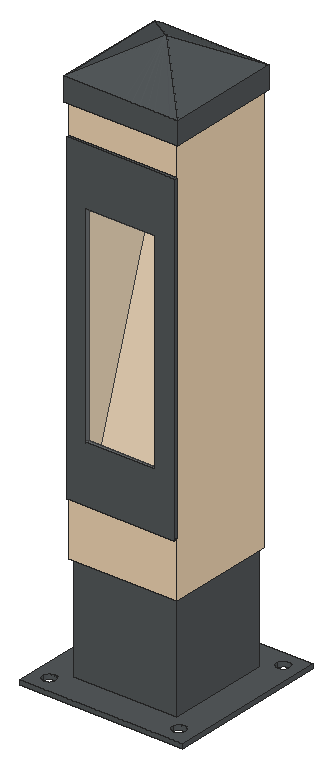
Revit family "Баум", category Осветительные приборы, Revit 2019 (continued)
Types (3, lengths in mm): name | Файл фотометрической сетки | built-in parameter 1150105 | Lumens | built-in parameter 1150106 | built-in parameter 1150142 | Wattage | h_столб низ | h_столб верх | ADSK_Фактическая мощность | ADSK_Размер_Высота | ADSK_Номинальная мощность | ADSK_Наименование | ADSK_Масса_Текст | ADSK_Масса | ADSK_Артикул
     484.3 502.3 504.1 498.6 495.7 486.9 487.1 481.7 477.0 470.0 460.8 458.6 450.7 449.3 441.7 437.9\r\n 431.6 427.6 422.5 414.0 405.0 399.0 392.9 386.3 379.5 371.8 360.8 352.0 347.0 337.9 326.5 316.8 308.5 295.8 278.9 254.2 223.3\r\n 196.0 174.0 155.8 138.2 126.4 112.3 98.9 89.2 75.1 66.1 53.2 40.4 29.7 21.7 11.2 2.9 0.4 0.4 0.4 0.4 0.4 0.4 0.4 0.4 0.4 0.4 0.4\r\n 0.4 0.4 0.4 0.4 0.4 0.4 0.4 0.4 0.4 0.4 0.4 0.4 0.4 0.4 0.4 0.4 0.4 0.4 0.4 0.4 0.4 0.4 0.4 0.4 0.4 0.4 0.4 0.4 0.4 0.4 0.4 0.4\r\n 0.4 0.4 0.4 0.4 0.4 0.4 0.4 0.4 0.4 0.4 0.4 0.4 0.4 0.4 0.4 0.4 0.4 0.4 0.4 0.4 0.4 0.4 0.4 0.4 0.4 0.4 0.4 0.4 0.4 0.4 0.4 0.4\r\n 0.4 0.4 0.4 0.4 0.4 0.4 0.4 0.4 0.4 0.2 0.2 0.2 0.0 0.0 0.0 0.0 0.0 0.0 0.0\r\n0.0 0.0 0.4 0.4 0.4 0.2 0.2 0.4 0.4 0.6 0.6 0.4 0.4 0.4 0.4 0.4 0.4 0.6 1.5 13.4 48.1 130.1 186.1 238.2 274.7 302.8 337.9 366.5\r\n 397.9 425.2 464.1 503.4 554.2 570.4 570.6 566.2 563.2 559.4 554.6 551.1 545.0 543.0 538.4 533.1 531.3 522.1 524.7 517.9 512.0\r\n 505.2 497.5 492.2 486.9 482.1 472.0 463.8 455.1 446.1 436.8 429.3 420.3 408.9 399.3 388.5 381.4 370.1 355.1 332.0 298.6 262.4\r\n 230.1 208.6 187.0 168.3 155.1 133.6 120.6 106.6 92.1 78.7 68.8 54.5 42.6 32.3 22.4 9.7 1.8 0.4 0.4 0.4 0.4 0.4 0.4 0.4 0.4 0.4\r\n 0.4 0.4 0.4 0.4 0.4 0.4 0.4 0.4 0.4 0.4 0.4 0.4 0.4 0.4 0.4 0.4 0.4 0.4 0.4 0.4 0.4 0.4 0.4 0.4 0.4 0.4 0.4 0.4 0.4 0.4 0.4 0.4\r\n 0.4 0.4 0.4 0.4 0.4 0.4 0.4 0.4 0.4 0.4 0.4 0.4 0.4 0.4 0.4 0.4 0.4 0.4 0.4 0.4 0.4 0.4 0.4 0.4 0.4 0.4 0.4 0.4 0.4 0.4 0.4 0.4\r\n 0.4 0.4 0.4 0.4 0.4 0.4 0.4 0.4 0.4 0.4 0.4 0.2 0.2 0.2 0.0 0.0 0.0 0.0 0.0 0.0 0.0\r\n0.0 0.0 0.4 0.4 0.4 0.2 0.2 0.4 0.4 0.6 0.6 0.4 0.4 0.4 0.4 0.4 0.4 1.5 11.2 58.4 134.9 213.2 265.2 303.0 338.0 368.3 407.6 450.0\r\n 488.9 523.4 579.0 604.3 619.2 619.7 615.1 605.0 607.1 603.2 600.5 601.8 598.4 595.0 588.9 583.2 579.4 580.1 572.6 569.6 562.7\r\n 554.4 552.6 543.4 536.2 526.0 517.0 512.2 501.9 492.0 483.6 472.2 461.0 451.3 441.9 430.9 418.2 399.5 374.0 330.7 283.4 250.7\r\n 233.6 208.6 193.4 174.7 157.5 142.1 128.5 111.4 95.6 83.5 64.6 49.7 37.8 29.4 17.8 4.8 0.4 0.4 0.4 0.4 0.4 0.4 0.4 0.4 0.4 0.4\r\n 0.4 0.4 0.4 0.4 0.4 0.4 0.4 0.4 0.4 0.4 0.4 0.4 0.4 0.4 0.4 0.4 0.4 0.4 0.4 0.4 0.4 0.4 0.4 0.4 0.4 0.4 0.4 0.4 0.4 0.4 0.4 0.4\r\n 0.4 0.4 0.4 0.4 0.4 0.4 0.4 0.4 0.4 0.4 0.4 0.4 0.4 0.4 0.4 0.4 0.4 0.4 0.4 0.4 0.4 0.4 0.4 0.4 0.4 0.4 0.4 0.4 0.4 0.4 0.4 0.4\r\n 0.4 0.4 0.4 0.4 0.4 0.4 0.4 0.4 0.4 0.4 0.4 0.2 0.2 0.2 0.0 0.0 0.0 0.0 0.0 0.0 0.0\r\n0.0 0.0 0.4 0.4 0.4 0.2 0.2 0.4 0.4 0.6 0.6 0.4 0.4 0.4 0.4 0.4 0.9 9.5 50.5 143.1 226.8 280.2 316.9 352.5 385.9 428.5 480.6 531.8\r\n 591.7 644.9 678.5 676.4 679.6 678.6 675.3 682.1 681.8 673.7 670.6 669.1 662.5 660.7 655.0 649.7 642.3 637.5 626.3 620.1 614.0\r\n 608.9 604.9 594.2 584.5 576.8 568.7 558.5 547.3 539.5 531.1 518.1 507.4 495.0 480.6 467.6 446.0 412.4 367.6 319.3 289.0 265.4\r\n 243.3 224.6 208.8 187.6 170.9 159.5 140.2 124.6 109.8 91.8 69.2 56.0 41.3 30.3 16.1 2.0 0.6 0.4 0.4 0.4 0.4 0.4 0.4 0.4 0.4 0.4\r\n 0.4 0.4 0.4 0.4 0.4 0.4 0.4 0.4 0.4 0.4 0.4 0.4 0.4 0.4 0.4 0.4 0.4 0.4 0.4 0.4 0.4 0.4 0.4 0.4 0.4 0.4 0.4 0.4 0.4 0.4 0.4 0.4\r\n 0.4 0.4 0.4 0.4 0.4 0.4 0.4 0.4 0.4 0.4 0.4 0.4 0.4 0.4 0.4 0.4 0.4 0.4 0.4 0.4 0.4 0.4 0.4 0.4 0.4 0.4 0.4 0.4 0.4 0.4 0.4 0.4\r\n 0.4 0.4 0.4 0.4 0.4 0.4 0.4 0.4 0.4 0.4 0.4 0.2 0.2 0.2 0.0 0.0 0.0 0.0 0.0 0.0 0.0\r\n0.0 0.0 0.6 0.4 0.4 0.2 0.2 0.4 0.4 0.6 0.6 0.6 0.4 0.4 0.4 0.6 5.7 38.9 123.3 218.2 287.9 337.7 372.2 412.7 466.0 519.5 579.2\r\n 645.2 717.0 731.7 742.7 743.1 741.6 738.7 733.2 735.9 726.4 726.7 721.8 711.9 704.5 694.4 691.5 688.7 688.0 675.3 670.2 659.0\r\n 653.5 649.1 636.3 629.6 625.2 614.0 607.6 597.5 590.0 577.0 564.9 553.3 541.2 527.3 511.3 484.5 445.2 396.8 350.5 323.5 299.7\r\n 272.7 253.6 238.0 215.8 195.6 182.6 164.8 142.4 127.2 110.5 90.1 69.6 54.0 39.8 24.8 9.5 0.9 0.4 0.4 0.4 0.4 0.4 0.4 0.4 0.4 0.4\r\n 0.4 0.4 0.4 0.4 0.4 0.4 0.4 0.4 0.4 0.4 0.4 0.4 0.4 0.4 0.4 0.4 0.4 0.4 0.4 0.4 0.4 0.4 0.4 0.4 0.4 0.4 0.4 0.4 0.4 0.4 0.4 0.4\r\n 0.4 0.4 0.4 0.4 0.4 0.4 0.4 0.4 0.4 0.4 0.4 0.4 0.4 0.4 0.4 0.4 0.4 0.4 0.4 0.4 0.4 0.4 0.4 0.4 0.4 0.4 0.4 0.4 0.4 0.4 0.4 0.4\r\n 0.4 0.4 0.4 0.4 0.4 0.4 0.4 0.4 0.4 0.4 0.4 0.4 0.2 0.2 0.2 0.0 0.0 0.0 0.0 0.0 0.0 0.0\r\n0.0 0.0 0.6 0.4 0.4 0.2 0.2 0.4 0.4 0.6 0.6 0.6 0.4 0.4 0.4 1.5 26.4 96.5 196.9 278.2 337.1 388.3 438.8 492.4 560.1 612.2 703.4\r\n 782.3 810.6 813.7 810.0 806.6 798.5 792.4 794.8 779.8 780.3 766.7 761.0 764.3 759.0 755.2 747.5 740.7 725.8 726.2 721.4 718.1\r\n 712.4 694.1 686.0 673.9 664.5 657.9 647.6 640.8 628.4 614.2 607.6 597.0 584.7 563.0 534.8 486.9 443.0 401.4 368.9 341.9 313.6\r\n 293.3 272.1 246.6 221.9 203.7 190.9 169.4 156.0 138.2 116.9 94.3 78.9 64.6 47.2 24.4 6.6 0.4 0.4 0.4 0.4 0.4 0.4 0.4 0.4 0.4 0.4\r\n 0.4 0.4 0.4 0.4 0.4 0.4 0.4 0.4 0.4 0.4 0.4 0.4 0.4 0.4 0.4 0.4 0.4 0.4 0.4 0.4 0.4 0.4 0.4 0.4 0.4 0.4 0.4 0.4 0.4 0.4 0.4 0.4\r\n 0.4 0.4 0.4 0.4 0.4 0.4 0.4 0.4 0.4 0.4 0.4 0.4 0.6 0.4 0.4 0.4 0.4 0.4 0.4 0.4 0.4 0.4 0.4 0.4 0.4 0.4 0.4 0.4 0.4 0.4 0.4 0.4\r\n 0.4 0.4 0.4 0.4 0.4 0.4 0.4 0.4 0.4 0.4 0.4 0.4 0.2 0.2 0.2 0.0 0.0 0.0 0.2 0.0 0.0 0.0\r\n0.0 0.0 0.6 0.4 0.4 0.4 0.2 0.4 0.4 0.6 0.6 0.6 0.6 0.4 0.7 7.7 71.0 168.5 261.7 326.3 385.6 438.8 507.2 586.5 653.5 749.1 831.2\r\n 867.8 870.6 868.6 867.5 860.3 855.7 855.0 846.9 843.5 835.0 831.9 830.4 822.2 821.8 815.2 810.8 801.8 794.8 787.1 784.0 766.0\r\n 759.2 756.1 747.7 743.1 733.5 718.8 707.5 691.1 680.3 672.0 662.3 646.0 626.9 602.1 552.8 502.7 455.7 425.0 405.8 371.6 341.7\r\n 324.3 294.0 270.5 250.7 228.3 205.7 183.1 169.2 146.6 123.1 101.7 82.2 68.8 44.6 18.0 2.8 0.6 0.4 0.4 0.4 0.4 0.4 0.4 0.4 0.4 0.4\r\n 0.4 0.4 0.4 0.4 0.4 0.4 0.4 0.4 0.4 0.4 0.4 0.4 0.4 0.4 0.4 0.4 0.4 0.4 0.4 0.4 0.4 0.4 0.4 0.4 0.4 0.4 0.4 0.4 0.4 0.4 0.4 0.4\r\n 0.4 0.4 0.4 0.4 0.4 0.4 0.4 0.4 0.4 0.4 0.4 0.4 0.4 0.6 0.4 0.4 0.4 0.4 0.4 0.4 0.4 0.4 0.4 0.4 0.4 0.4 0.4 0.4 0.4 0.4 0.4 0.4\r\n 0.4 0.4 0.4 0.4 0.4 0.4 0.4 0.4 0.4 0.4 0.4 0.4 0.2 0.2 0.2 0.0 0.0 0.0 0.2 0.0 0.0 0.0\r\n0.0 0.0 0.6 0.4 0.4 0.4 0.4 0.4 0.4 0.6 0.6 0.6 0.6 0.6 2.9 31.4 129.8 234.2 310.5 368.7 428.1 497.1 583.6 661.9 756.5 878.5 923.7\r\n 927.7 931.0 931.2 924.6 923.3 924.4 919.6 920.9 918.0 913.4 909.3 900.2 898.0 892.3 886.9 880.2 878.9 872.1 869.1 854.6 844.7\r\n 841.2 833.0 826.2 814.3 800.9 796.5 783.6 779.2 771.5 757.9 743.6 722.0 690.0 644.0 599.5 544.0 511.6 479.2 444.3 422.3 402.6\r\n 378.0 346.7 322.6 301.9 274.2 252.9 230.3 205.9 177.3 144.1 117.4 93.6 71.6 43.1 13.6 2.6 0.4 0.4 0.4 0.4 0.4 0.4 0.4 0.4 0.4 0.4\r\n 0.4 0.4 0.4 0.4 0.4 0.4 0.4 0.4 0.4 0.4 0.4 0.4 0.4 0.4 0.4 0.4 0.4 0.4 0.4 0.4 0.4 0.4 0.4 0.4 0.4 0.4 0.4 0.4 0.4 0.4 0.4 0.4\r\n 0.4 0.4 0.4 0.4 0.4 0.4 0.4 0.4 0.4 0.4 0.4 0.4 0.4 0.4 0.4 0.4 0.4 0.4 0.4 0.4 0.4 0.4 0.4 0.4 0.4 0.4 0.4 0.4 0.4 0.4 0.4 0.4\r\n 0.4 0.4 0.4 0.4 0.4 0.4 0.4 0.4 0.4 0.4 0.4 0.4 0.2 0.2 0.2 0.0 0.0 0.0 0.2 0.0 0.0 0.0\r\n0.0 0.0 0.6 0.4 0.4 0.4 0.4 0.4 0.4 0.6 0.6 0.6 0.6 0.6 9.9 77.3 191.6 284.8 349.4 411.1 478.4 562.7 648.2 736.1 859.4 928.4 945.7\r\n 944.0 945.3 942.0 939.4 940.2 938.5 932.5 924.4 922.2 921.8 917.2 920.2 915.8 908.8 899.4 899.0 889.7 889.0 874.3 874.1 874.8\r\n 864.9 849.9 840.7 836.5 821.8 811.3 806.0 793.0 781.4 766.5 747.8 718.3 674.4 618.5 567.6 534.8 503.2 477.7 446.7 422.1 400.3\r\n 366.5 341.3 325.6 299.9 270.5 250.7 229.9 196.2 168.3 138.0 117.3 100.8 70.1 37.3 4.8 0.6 0.4 0.4 0.4 0.4 0.4 0.4 0.4 0.4 0.4 0.4\r\n 0.4 0.4 0.4 0.4 0.4 0.4 0.4 0.4 0.4 0.4 0.4 0.4 0.4 0.4 0.4 0.4 0.4 0.4 0.4 0.4 0.4 0.4 0.4 0.4 0.4 0.4 0.4 0.4 0.4 0.4 0.4 0.4\r\n 0.4 0.4 0.4 0.4 0.4 0.4 0.4 0.4 0.4 0.4 0.4 0.4 0.4 0.4 0.4 0.4 0.4 0.4 0.4 0.4 0.4 0.4 0.4 0.4 0.4 0.4 0.4 0.4 0.4 0.4 0.4 0.4\r\n 0.4 0.4 0.4 0.4 0.4 0.4 0.4 0.4 0.4 0.4 0.4 0.4 0.2 0.2 0.2 0.0 0.0 0.0 0.2 0.0 0.0 0.0\r\n0.0 0.0 0.6 0.4 0.6 0.4 0.4 0.4 0.4 0.6 0.6 0.6 0.6 0.9 27.2 128.6 246.5 325.4 386.1 453.3 535.1 622.3 701.4 825.3 937.4 953.7\r\n 953.7 957.2 957.0 949.0 950.6 949.0 945.3 944.8 942.7 941.5 939.8 940.3 932.1 922.7 922.2 919.1 908.8 902.9 895.4 903.3 891.9\r\n 875.0 873.0 867.8 856.1 843.8 839.0 828.4 819.2 809.7 793.5 771.5 744.5 699.9 648.0 599.5 561.9 535.5 501.0 470.2 450.4 429.8\r\n 398.0 372.0 349.8 330.9 304.3 272.7 255.4 228.3 193.4 164.1 139.8 118.4 94.3 62.2 30.1 6.6 0.6 0.4 0.4 0.4 0.4 0.4 0.4 0.4 0.4\r\n 0.4 0.4 0.4 0.4 0.4 0.4 0.4 0.4 0.4 0.4 0.4 0.4 0.4 0.4 0.4 0.4 0.4 0.4 0.4 0.4 0.4 0.4 0.4 0.4 0.4 0.4 0.4 0.4 0.4 0.4 0.4 0.4\r\n 0.4 0.4 0.4 0.4 0.4 0.4 0.4 0.4 0.4 0.4 0.4 0.4 0.4 0.4 0.4 0.4 0.4 0.4 0.4 0.4 0.4 0.4 0.4 0.4 0.4 0.4 0.4 0.4 0.4 0.4 0.4 0.4\r\n 0.4 0.4 0.4 0.4 0.4 0.4 0.4 0.4 0.4 0.4 0.4 0.4 0.4 0.4 0.2 0.2 0.2 0.0 0.0 0.0 0.2 0.0 0.0 0.0\r\n0.0 0.0 0.6 0.4 0.6 0.4 0.4 0.4 0.4 0.6 0.6 0.6 0.6 2.6 60.8 176.6 282.4 354.7 419.0 492.9 581.8 661.8 759.2 896.5 950.3 956.9\r\n 954.7 953.9 956.1 952.3 956.1 953.9 951.0 952.5 954.3 949.9 947.1 946.2 941.8 939.1 934.7 926.6 920.9 918.3 912.3 897.8 894.5\r\n 889.0 879.4 867.3 864.2 861.3 849.3 839.0 826.4 813.5 795.9 771.9 720.3 668.4 619.2 579.5 554.8 520.3 490.9 467.2 449.6 417.1\r\n 383.9 368.0 349.0 316.0 289.2 269.0 247.0 218.8 190.7 159.1 133.1 117.1 82.4 47.9 17.8 2.6 0.4 0.4 0.4 0.4 0.4 0.4 0.4 0.4 0.4\r\n 0.4 0.4 0.4 0.4 0.4 0.4 0.4 0.4 0.4 0.4 0.4 0.4 0.4 0.4 0.4 0.4 0.4 0.4 0.4 0.4 0.4 0.4 0.4 0.4 0.4 0.4 0.4 0.4 0.4 0.4 0.4 0.4\r\n 0.4 0.4 0.4 0.4 0.4 0.4 0.4 0.4 0.4 0.4 0.4 0.4 0.4 0.4 0.4 0.4 0.4 0.4 0.4 0.4 0.4 0.4 0.4 0.4 0.4 0.4 0.4 0.4 0.4 0.4 0.4 0.4\r\n 0.4 0.4 0.4 0.4 0.4 0.4 0.4 0.4 0.4 0.4 0.4 0.4 0.4 0.4 0.2 0.2 0.2 0.0 0.0 0.0 0.2 0.0 0.0 0.0\r\n0.0 0.0 0.6 0.4 0.6 0.4 0.4 0.4 0.4 0.6 0.6 0.6 0.6 8.8 104.6 223.7 308.9 376.2 448.7 528.9 612.9 704.3 829.1 935.2 951.4 953.9\r\n 958.5 961.5 963.3 964.4 962.2 961.1 960.2 961.3 953.7 957.4 953.4 950.1 944.9 938.5 934.5 934.8 935.2 927.9 919.6 916.3 904.7\r\n 893.7 893.2 891.2 878.5 866.6 855.0 841.8 831.3 818.5 799.2 762.0 717.5 664.7 616.6 583.0 548.0 521.4 497.9 477.9 455.7 423.2\r\n 394.2 375.3 356.0 319.5 295.6 278.2 252.1 218.6 188.7 156.2 135.1 114.9 88.1 48.6 15.6 1.3 0.4 0.4 0.4 0.4 0.4 0.4 0.4 0.4 0.4\r\n 0.4 0.4 0.4 0.4 0.4 0.4 0.4 0.4 0.4 0.4 0.4 0.4 0.4 0.4 0.4 0.4 0.4 0.4 0.4 0.4 0.4 0.4 0.4 0.4 0.4 0.4 0.4 0.4 0.4 0.4 0.4 0.4\r\n 0.4 0.4 0.4 0.4 0.4 0.4 0.4 0.4 0.4 0.4 0.4 0.4 0.4 0.4 0.4 0.4 0.4 0.4 0.4 0.4 0.4 0.4 0.4 0.4 0.4 0.4 0.4 0.4 0.4 0.4 0.4 0.4\r\n 0.4 0.4 0.4 0.4 0.4 0.4 0.4 0.4 0.4 0.4 0.4 0.4 0.4 0.4 0.2 0.2 0.2 0.0 0.0 0.0 0.2 0.0 0.0 0.0\r\n0.0 0.0 0.6 0.4 0.6 0.4 0.4 0.4 0.4 0.6 0.6 0.6 0.6 25.3 144.1 260.2 336.4 405.6 479.2 562.1 645.4 764.0 896.7 951.9 957.8 958.7\r\n 965.3 965.9 963.5 967.7 961.3 964.0 964.6 960.7 965.5 959.3 954.5 948.2 946.0 942.7 945.5 937.8 926.6 928.0 922.2 914.1 918.0\r\n 909.9 895.8 883.6 877.6 866.8 860.7 857.0 848.8 829.7 793.9 732.6 678.1 632.6 599.0 574.6 545.6 512.4 491.6 475.9 440.8 410.5\r\n 395.5 372.4 342.8 315.3 297.1 278.2 244.3 217.8 182.2 151.0 132.1 100.6 65.3 31.6 8.3 0.9 0.4 0.4 0.4 0.4 0.4 0.4 0.4 0.4 0.4 0.4\r\n 0.4 0.4 0.4 0.4 0.4 0.4 0.4 0.4 0.4 0.4 0.4 0.4 0.4 0.4 0.4 0.4 0.4 0.4 0.4 0.4 0.4 0.4 0.4 0.4 0.4 0.4 0.4 0.4 0.4 0.4 0.4 0.4\r\n 0.4 0.4 0.4 0.4 0.4 0.4 0.4 0.4 0.4 0.4 0.4 0.4 0.4 0.4 0.4 0.4 0.4 0.4 0.4 0.4 0.4 0.4 0.4 0.4 0.4 0.4 0.4 0.4 0.4 0.4 0.4 0.4\r\n 0.4 0.4 0.4 0.4 0.4 0.4 0.4 0.6 0.6 0.4 0.4 0.4 0.4 0.2 0.2 0.2 0.0 0.2 0.2 0.2 0.0 0.0 0.0\r\n0.0 0.0 0.6 0.4 0.6 0.4 0.4 0.4 0.6 0.6 0.6 0.6 0.9 50.8 180.0 287.6 367.2 441.9 517.0 600.1 692.8 829.0 944.4 965.7 971.7 975.4\r\n 972.8 973.9 971.4 970.1 973.2 973.0 972.3 968.1 958.2 961.8 966.4 966.8 961.8 959.1 953.6 958.7 947.7 935.9 929.3 927.0 917.0\r\n 902.7 900.5 894.5 887.1 883.8 871.0 854.5 840.5 806.9 767.5 721.4 670.9 629.6 598.4 565.0 537.3 515.1 499.0 474.6 438.6 408.1\r\n 389.6 371.1 334.7 309.8 294.0 265.0 238.8 205.4 174.7 148.8 133.2 109.8 73.4 31.9 4.2 0.4 0.4 0.4 0.4 0.4 0.4 0.4 0.4 0.4 0.4 0.4\r\n 0.4 0.4 0.4 0.4 0.4 0.4 0.4 0.4 0.4 0.4 0.4 0.4 0.4 0.4 0.4 0.4 0.4 0.4 0.4 0.4 0.4 0.4 0.4 0.4 0.4 0.4 0.4 0.4 0.4 0.4 0.4 0.4\r\n 0.4 0.4 0.4 0.4 0.4 0.4 0.4 0.4 0.4 0.4 0.4 0.4 0.4 0.4 0.4 0.4 0.4 0.4 0.4 0.4 0.4 0.4 0.4 0.4 0.4 0.4 0.4 0.4 0.4 0.4 0.4 0.4\r\n 0.4 0.4 0.4 0.4 0.4 0.4 0.4 0.6 0.6 0.4 0.4 0.4 0.4 0.2 0.2 0.2 0.0 0.2 0.2 0.2 0.0 0.0 0.0\r\n0.0 0.0 0.6 0.4 0.6 0.4 0.4 0.4 0.6 0.6 0.6 0.6 1.6 79.3 212.7 311.8 393.3 466.5 547.4 642.9 749.7 896.1 974.8 982.2 982.4 983.7\r\n 981.1 976.7 976.3 978.1 974.7 971.0 965.3 969.3 975.9 971.7 971.9 970.1 958.7 958.2 951.0 941.1 935.4 933.2 929.5 928.4 917.6\r\n 913.9 910.3 901.4 891.5 878.1 875.0 864.0 844.5 811.2 757.2 703.4 652.0 620.7 598.1 565.2 535.1 510.7 486.3 453.7 423.0 409.4\r\n 393.1 365.9 331.3 315.1 301.5 266.3 232.3 197.5 165.2 146.6 122.0 90.3 55.4 20.5 1.6 0.4 0.4 0.4 0.4 0.4 0.4 0.4 0.4 0.4 0.4 0.4\r\n 0.4 0.4 0.4 0.4 0.4 0.4 0.4 0.4 0.4 0.4 0.4 0.4 0.4 0.4 0.4 0.4 0.4 0.4 0.4 0.4 0.4 0.4 0.4 0.4 0.4 0.4 0.4 0.4 0.4 0.4 0.4 0.4\r\n 0.4 0.4 0.4 0.4 0.4 0.4 0.4 0.4 0.4 0.4 0.4 0.4 0.4 0.4 0.4 0.4 0.4 0.4 0.4 0.4 0.4 0.4 0.6 0.4 0.4 0.4 0.4 0.4 0.4 0.4 0.4 0.4\r\n 0.4 0.4 0.4 0.4 0.6 0.6 0.4 0.6 0.6 0.4 0.4 0.4 0.4 0.2 0.2 0.2 0.2 0.2 0.2 0.2 0.0 0.0 0.0\r\n0.0 0.0 0.6 0.4 0.6 0.4 0.4 0.4 0.6 0.6 0.6 0.6 3.7 111.8 239.3 330.0 406.9 474.8 565.6 662.7 793.0 947.5 986.6 986.0 985.7 982.2\r\n 977.2 979.6 978.7 978.1 975.2 972.1 977.8 974.1 971.5 964.8 954.3 955.6 951.9 951.0 949.5 943.3 944.4 937.4 928.6 925.1 921.1\r\n 915.2 907.9 901.8 899.4 891.2 880.7 861.6 827.8 792.4 743.2 687.3 645.4 613.3 590.9 553.9 526.9 516.8 490.2 454.0 428.9 412.7\r\n 391.1 361.0 336.9 318.0 298.6 261.5 229.9 193.4 165.7 149.2 121.7 92.3 57.4 21.7 2.8 0.4 0.4 0.4 0.4 0.4 0.4 0.4 0.4 0.4 0.4 0.4\r\n 0.4 0.4 0.4 0.4 0.4 0.4 0.4 0.4 0.4 0.4 0.4 0.4 0.4 0.4 0.4 0.4 0.4 0.4 0.4 0.4 0.4 0.4 0.4 0.4 0.4 0.4 0.4 0.4 0.4 0.4 0.4 0.4\r\n 0.4 0.4 0.4 0.4 0.4 0.4 0.4 0.4 0.4 0.4 0.4 0.4 0.4 0.4 0.4 0.4 0.4 0.4 0.4 0.4 0.4 0.4 0.6 0.4 0.4 0.4 0.4 0.4 0.6 0.6 0.4 0.6\r\n 0.6 0.6 0.6 0.6 0.6 0.4 0.4 0.6 0.6 0.4 0.4 0.4 0.4 0.4 0.2 0.2 0.2 0.2 0.2 0.2 0.0 0.0 0.0\r\n0.0 0.0 0.6 0.4 0.6 0.4 0.4 0.4 0.6 0.6 0.6 0.6 8.4 144.8 262.1 341.2 410.2 481.0 583.8 679.4 840.7 966.6 983.3 979.8 978.7 977.4\r\n 981.4 981.4 981.3 978.3 983.3 982.9 983.1 982.5 975.6 977.6 974.7 963.1 959.1 958.7 949.0 945.1 940.3 938.3 936.7 930.8 925.7\r\n 918.0 909.3 904.9 898.5 892.3 879.4 864.5 826.9 773.9 717.9 670.9 640.3 622.3 584.3 555.9 534.6 508.5 483.9 447.0 432.2 420.1\r\n 385.8 352.9 330.3 316.8 285.7 252.7 224.4 190.1 168.1 153.4 122.8 79.3 36.5 9.7 1.6 0.4 0.4 0.4 0.4 0.4 0.4 0.4 0.4 0.4 0.4 0.4\r\n 0.4 0.4 0.4 0.4 0.4 0.4 0.4 0.4 0.4 0.4 0.4 0.4 0.4 0.4 0.4 0.4 0.4 0.4 0.4 0.4 0.4 0.4 0.4 0.4 0.4 0.4 0.4 0.4 0.4 0.4 0.4 0.4\r\n 0.4 0.4 0.4 0.4 0.4 0.4 0.4 0.4 0.4 0.4 0.4 0.4 0.4 0.4 0.4 0.4 0.4 0.4 0.4 0.4 0.4 0.6 0.6 0.6 0.4 0.6 0.4 0.6 0.6 0.6 0.6 0.6\r\n 0.6 0.6 0.6 0.6 0.6 0.6 0.4 0.6 0.6 0.6 0.6 0.4 0.4 0.4 0.2 0.2 0.2 0.2 0.2 0.2 0.0 0.0 0.0\r\n0.0 0.0 0.6 0.4 0.6 0.4 0.4 0.4 0.6 0.7 0.6 0.7 19.5 167.4 280.4 354.7 422.8 502.7 609.5 710.2 887.3 967.1 971.0 971.5 975.4 976.5\r\n 984.2 984.6 987.0 984.9 982.5 981.6 977.0 976.1 973.5 971.0 971.5 969.0 965.9 962.7 963.7 958.7 949.3 940.2 939.1 932.1 926.0\r\n 922.7 918.9 914.5 903.8 891.7 875.8 854.5 813.5 768.0 718.3 666.0 633.0 606.9 574.4 546.2 533.3 515.9 484.1 451.5 430.0 411.3\r\n 384.5 358.6 333.8 315.1 285.0 254.4 227.6 189.2 167.2 145.7 114.0 81.7 42.6 10.5 0.9 0.4 0.4 0.4 0.4 0.4 0.4 0.4 0.4 0.4 0.4 0.4\r\n 0.4 0.4 0.4 0.4 0.4 0.4 0.4 0.4 0.4 0.4 0.4 0.4 0.4 0.4 0.4 0.4 0.4 0.4 0.4 0.4 0.4 0.4 0.4 0.4 0.4 0.4 0.4 0.4 0.4 0.4 0.4 0.4\r\n 0.4 0.4 0.4 0.4 0.4 0.4 0.4 0.4 0.4 0.4 0.4 0.4 0.4 0.4 0.4 0.4 0.4 0.6 0.6 0.6 0.4 0.6 0.6 0.6 0.6 0.6 0.6 0.6 0.6 0.6 0.6 0.6\r\n 0.6 0.6 0.6 0.6 0.6 0.6 0.6 0.6 0.6 0.6 0.6 0.4 0.4 0.4 0.2 0.2 0.2 0.2 0.2 0.2 0.0 0.0 0.0\r\n0.0 0.0 0.6 0.4 0.6 0.4 0.4 0.4 0.6 0.7 0.6 0.7 35.8 179.7 292.2 373.1 450.9 541.8 642.3 741.4 911.9 964.8 962.4 965.1 970.4 974.8\r\n 978.9 981.4 984.8 988.2 987.7 989.5 987.7 992.3 992.1 984.6 980.0 976.7 975.2 965.5 967.0 962.4 957.6 957.0 954.1 944.4 942.7\r\n 935.6 914.7 908.6 906.2 895.6 882.3 855.9 808.6 750.0 696.6 665.8 635.7 606.0 570.4 547.1 533.1 499.4 471.3 446.7 432.9 409.8\r\n 373.5 345.6 328.9 309.8 276.4 246.1 212.3 186.8 167.0 144.3 110.5 70.3 32.1 7.2 1.1 0.4 0.4 0.4 0.4 0.4 0.4 0.4 0.4 0.4 0.4 0.4\r\n 0.4 0.4 0.4 0.4 
    0.4 0.4 0.4 0.4 0.4 0.4 0.4 0.4 0.4 0.4 0.4 0.4 0.4 0.4 0.4 0.4 0.4 0.4 0.4 0.4 0.4 0.4 0.4 0.4 0.4 0.4 0.4 0.4\r\n 0.4 0.4 0.4 0.4 0.4 0.6 0.4 0.4 0.6 0.4 0.4 0.4 0.6 0.4 0.6 0.4 0.6 0.6 0.6 0.6 0.6 0.6 0.6 0.6 0.6 0.6 0.6 0.6 0.6 0.6 0.6 0.6\r\n 0.6 0.6 0.6 0.6 0.6 0.6 0.6 0.6 0.6 0.6 0.6 0.6 0.6 0.4 0.2 0.2 0.2 0.2 0.2 0.2 0.0 0.0 0.0\r\n0.0 0.0 0.6 0.4 0.6 0.4 0.4 0.4 0.6 0.7 0.6 0.7 49.7 190.3 298.8 386.1 468.9 567.6 668.5 781.4 936.5 971.0 972.8 975.8 981.1 980.9\r\n 982.2 988.2 980.0 991.5 990.1 987.9 992.3 984.2 983.7 985.1 982.7 974.7 974.1 972.8 966.0 961.8 963.7 958.7 957.0 945.8 942.0\r\n 941.1 933.9 930.3 921.8 911.7 900.9 859.6 813.9 761.2 708.6 666.5 642.3 610.7 575.2 550.6 534.8 508.0 474.8 448.9 432.4 410.7\r\n 379.5 356.0 340.6 318.6 279.5 250.7 214.3 179.7 160.4 137.5 109.9 69.9 31.6 5.3 0.6 0.6 0.4 0.4 0.4 0.6 0.4 0.4 0.6 0.6 0.4 0.4\r\n 0.4 0.4 0.4 0.4 0.4 0.4 0.4 0.4 0.4 0.4 0.6 0.4 0.4 0.4 0.4 0.4 0.6 0.4 0.4 0.4 0.4 0.6 0.6 0.6 0.6 0.4 0.4 0.6 0.4 0.6 0.6 0.6\r\n 0.6 0.6 0.6 0.6 0.6 0.6 0.6 0.6 0.6 0.6 0.6 0.6 0.6 0.6 0.6 0.6 0.6 0.6 0.6 0.6 0.6 0.6 0.6 0.6 0.6 0.6 0.6 0.6 0.6 0.6 0.6 0.6\r\n 0.6 0.6 0.6 0.6 0.6 0.6 0.6 0.6 0.6 0.6 0.6 0.6 0.6 0.4 0.2 0.2 0.2 0.2 0.2 0.2 0.0 0.0 0.0\r\n0.0 0.0 0.6 0.4 0.6 0.4 0.4 0.4 0.6 0.7 0.6 1.1 57.6 200.9 305.0 389.2 466.7 567.3 665.4 799.4 942.0 982.4 985.8 990.1 985.5 991.7\r\n 990.1 990.1 990.3 989.9 986.0 988.8 987.1 987.5 985.5 984.0 989.3 993.0 988.0 987.7 988.4 986.6 977.2 964.4 955.6 950.6 949.0\r\n 942.9 932.8 928.8 925.5 915.8 889.0 851.3 792.2 736.6 690.9 657.5 637.3 600.3 561.8 547.8 532.6 504.1 475.5 454.0 437.5 409.4\r\n 373.6 349.8 334.0 306.8 270.0 241.9 205.9 180.8 163.0 139.8 102.8 65.3 30.1 4.6 0.6 0.6 0.6 0.6 0.6 0.6 0.6 0.6 0.6 0.6 0.6 0.6\r\n 0.6 0.6 0.6 0.6 0.6 0.6 0.6 0.6 0.6 0.6 0.6 0.6 0.6 0.6 0.6 0.6 0.6 0.6 0.6 0.6 0.6 0.6 0.6 0.6 0.6 0.6 0.6 0.6 0.6 0.6 0.6 0.6\r\n 0.6 0.6 0.6 0.6 0.6 0.6 0.6 0.6 0.6 0.6 0.6 0.6 0.6 0.6 0.6 0.6 0.6 0.6 0.6 0.6 0.6 0.6 0.6 0.6 0.6 0.6 0.6 0.6 0.6 0.6 0.6 0.6\r\n 0.6 0.6 0.6 0.6 0.6 0.6 0.6 0.6 0.6 0.6 0.6 0.6 0.6 0.4 0.2 0.2 0.2 0.2 0.2 0.2 0.0 0.0 0.0\r\n0.0 0.0 0.6 0.4 0.6 0.4 0.4 0.4 0.6 0.7 0.6 1.3 64.8 209.8 310.9 387.8 460.1 557.7 651.3 800.1 944.0 985.7 992.5 997.0 993.4 998.5\r\n 994.1 992.8 993.7 989.9 995.9 992.8 991.2 995.2 995.8 991.5 985.8 985.1 986.0 986.0 982.7 976.9 967.9 968.4 970.4 967.5 957.0\r\n 955.9 949.9 936.5 921.4 910.1 887.1 839.6 789.5 740.1 688.5 653.9 629.6 603.2 576.1 557.3 534.8 493.5 461.2 447.6 430.0 405.8\r\n 374.4 352.7 340.4 316.8 278.6 249.0 210.9 183.1 161.3 131.9 99.7 66.4 21.8 3.5 0.6 0.6 0.6 0.6 0.6 0.6 0.6 0.6 0.6 0.6 0.6 0.6\r\n 0.6 0.6 0.6 0.6 0.6 0.6 0.6 0.6 0.6 0.6 0.6 0.6 0.6 0.6 0.6 0.6 0.6 0.6 0.6 0.6 0.6 0.6 0.6 0.6 0.6 0.6 0.6 0.6 0.6 0.6 0.6 0.6\r\n 0.6 0.6 0.6 0.6 0.6 0.6 0.6 0.6 0.6 0.6 0.6 0.6 0.6 0.6 0.6 0.6 0.6 0.6 0.6 0.6 0.6 0.6 0.6 0.6 0.6 0.6 0.6 0.6 0.6 0.6 0.6 0.6\r\n 0.6 0.6 0.6 0.6 0.6 0.6 0.7 0.6 0.6 0.6 0.6 0.6 0.6 0.4 0.2 0.2 0.2 0.2 0.2 0.2 0.0 0.0 0.0\r\n0.0 0.0 0.6 0.4 0.6 0.4 0.4 0.4 0.6 0.7 0.6 1.3 73.4 214.0 312.7 388.7 463.9 564.1 655.5 805.6 944.2 979.8 989.2 992.6 993.7 991.3\r\n 991.9 996.3 995.8 994.1 988.0 987.9 986.8 986.2 988.8 995.2 987.1 986.4 987.3 980.0 974.7 972.8 973.4 969.7 963.3 965.3 961.1\r\n 951.4 940.7 930.6 920.9 906.9 878.0 833.2 783.4 725.8 684.3 657.2 627.4 593.1 568.2 550.0 528.9 496.6 463.0 447.6 429.6 400.6\r\n 372.5 355.8 337.9 309.2 270.7 239.9 200.6 172.7 158.9 136.7 100.0 52.8 22.9 5.0 0.7 0.6 0.6 0.6 0.6 0.6 0.6 0.6 0.6 0.6 0.6 0.6\r\n 0.6 0.6 0.6 0.6 0.6 0.6 0.6 0.6 0.6 0.6 0.6 0.6 0.6 0.6 0.6 0.6 0.6 0.6 0.6 0.6 0.6 0.6 0.6 0.6 0.6 0.6 0.6 0.6 0.6 0.6 0.6 0.6\r\n 0.6 0.6 0.6 0.7 0.6 0.6 0.6 0.6 0.6 0.6 0.6 0.6 0.6 0.6 0.7 0.7 0.6 0.7 0.7 0.7 0.6 0.7 0.7 0.7 0.7 0.6 0.6 0.6 0.7 0.7 0.7 0.6\r\n 0.6 0.7 0.6 0.6 0.6 0.6 0.7 0.6 0.6 0.6 0.6 0.6 0.6 0.4 0.2 0.2 0.2 0.2 0.2 0.2 0.0 0.0 0.0\r\n0.0 0.0 0.6 0.4 0.6 0.4 0.4 0.4 0.6 0.7 0.6 1.1 77.4 214.9 313.3 393.1 474.8 586.5 677.7 827.7 954.3 978.1 983.5 986.0 987.5 989.0\r\n 991.5 992.3 993.4 990.1 989.3 993.0 987.0 987.5 987.3 980.7 984.0 984.0 983.7 980.3 981.1 980.9 974.7 966.0 961.3 951.7 940.3\r\n 937.0 932.1 932.3 925.1 911.5 879.2 838.3 782.3 731.3 688.4 657.9 632.2 603.0 567.4 549.3 530.7 497.9 469.1 454.6 434.2 402.5\r\n 366.9 346.5 325.6 308.3 268.5 244.4 206.4 182.8 163.9 131.8 100.8 62.0 28.3 4.0 0.7 0.6 0.6 0.6 0.6 0.6 0.6 0.6 0.6 0.6 0.6 0.6\r\n 0.6 0.6 0.6 0.6 0.6 0.6 0.6 0.6 0.6 0.6 0.6 0.6 0.6 0.6 0.6 0.6 0.6 0.6 0.6 0.6 0.7 0.6 0.6 0.6 0.6 0.6 0.6 0.6 0.6 0.6 0.6 0.6\r\n 0.6 0.6 0.6 0.6 0.6 0.6 0.7 0.6 0.6 0.6 0.6 0.6 0.6 0.6 0.6 0.6 0.6 0.7 0.6 0.7 0.6 0.6 0.7 0.7 0.6 0.6 0.6 0.6 0.7 0.7 0.7 0.6\r\n 0.7 0.6 0.7 0.6 0.6 0.6 0.6 0.6 0.6 0.6 0.6 0.6 0.6 0.4 0.2 0.2 0.2 0.2 0.2 0.2 0.0 0.0 0.0\r\n" | 2.69284 W | 102 | 400 | 4 W | 600 | 4 W | "ДТУ961 Светодиодный светильник Баум ДТУ-96-AF-4Вт-0.6" | "7" | 7 | "ДТУ961"
